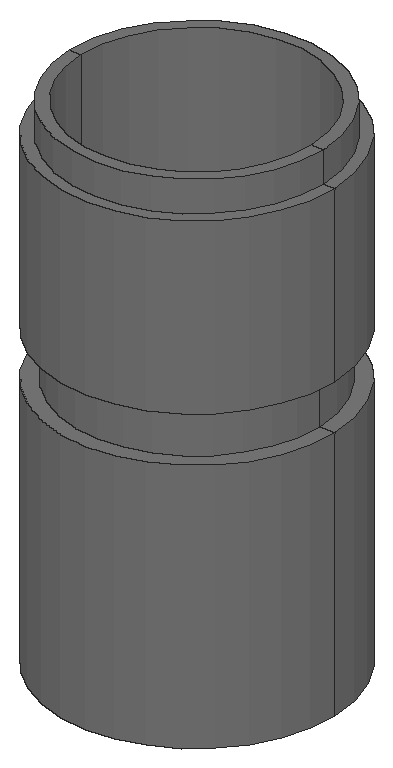
Revit family "PRD_FrankeWS_ShwrFttngsPckg_ExtensionSet_AQRM900", category Specialty Equipment, Revit 2018
Family settings
  Round Connector Dimension = Use Diameter
  Part Type = Normal
  OmniClass Number = 23.45.05.14.99
  OmniClass Title = Other Sanitary Washing Plumbing Fixtures
  Work Plane-Based = Yes
  Always vertical = Yes
  Cut with Voids When Loaded = No
  Shared = No
  Room Calculation Point = No
Parameters (values of type "AQRM900")
  WarrantyStartDate [instance] = "1900-12-31T23:59:59"
  WarrantyGuarantorParts = "n/a"
  WarrantyGuarantorLabor = "n/a"
  WarrantyDurationUnit = "year"
  WarrantyDurationParts = "n/a"
  WarrantyDurationLabor = "n/a"
  WarrantyDescription = "n/a"
  Version = "1"
  Uniclass2015Version = "Products v1.17"
  Uniclass2015Title = "Shower fittings package"
  Uniclass2015Code = "Pr_40_20_87_75"
  URL = "www.kwc.com"
  TailorMade = "No"
  TagNumber [instance] = "n/a"
  SustainabilityPerformance = "n/a"
  Status = "New"
  Size = "n/a"
  Shape = "cylinder"
  SerialNumber [instance] = "n/a"
  Revision = "n/a"
  ReplacementCost = "n/a"
  Reference = "n/a"
  QuantityUom = "Piece"
  Quantity = "1"
  ProductInformation = "https://pim.kwc.com/product/2000101451/attachment/datasheet?locale=en"
  ProductCode = "210.0622.972"
  NominalWidth = 0 mm
  NominalLength = 0 mm
  NominalDepth = 0 mm
  NetWeight = 0.25 kg
  Name = "Extension set AQRM900"
  NBSTypeID = "n/a"
  NBSReference = "45-35-70/330"
  NBSOfficeMasterTag = "n/a"
  NBSNote = "n/a"
  NBSDescription = "Shower fittings package"
  NBSCertification = "n/a"
  ModelReference = "AQRM900"
  ModelNumber = "2000101451"
  Model = ModelReference  # "AQRM900"
  Material = "n/a"
  ManufacturerURL = "www.kwc.com"
  ManufacturerName = "KWC Group AG"  # constant formula
  Manufacturer = ManufacturerName  # "KWC Group AG"
  IntegralAccessories = "n/a"
  InstallationDate [instance] = "1900-12-31T23:59:59"
  IfcExportType = "USERDEFINED"
  IfcExportAs = "IfcSanitaryTerminalType"
  GrossWeight = 0.26 kg
  Grade = "n/a"
  Finish = "n/a"
  Features = "for AQUALINE self-closing straight way valve DN 15"
  ExpectedLife = "n/a"
  DurationUnit = "year"
  Description = "Extension set for AQUALINE self-closing straight way valve DN 15 for installation in walls, for depth compensation until 33 mm, maximum 1-times stackable."
  Default Elevation = 1219.2 mm
  CreatedOn = "07/2021"  # constant formula
  Constituents = "n/a"
  Color = "n/a"
  CodePerformance = "n/a"
  Category = "Pr_40_20_87_75, Shower fittings package"
  BodyMaterial = PRD_AR_Plastic_Grey
  BarCode [instance] = "n/a"
  BIMObjectName = "PRD_AR_ShowerFittingsPackage_ExtensionSet_AQRM900"
  Author = "Archispace"  # constant formula
  AssetType = "Fixed"
  AssetIdentifier [instance] = "n/a"
  AccessibilityPerformance = "n/a"
Reference planes
  plane 1 "Center (Front/Back)": y = 0
  plane 2: z = 0
  plane 3 "Center (Left/Right)": x = 0
Forms (mm)
  Revolve 1, solid, material "PRD_AR_Plastic_Grey" <- "BodyMaterial", detail levels fine
    sketch origin (0, 0, 0) x (1, 0, 0) y (0, 0, 1)
      loop
        line (-11.45, 41) -> (-16, 41) -> (-16, 33) -> (-18, 33) -> (-18, 0) -> (-16.5, 0) -> (-16.5, 2) -> (-15.188, 2) -> (-15.188, 15) -> (-12.25, 15) -> (-12.25, 34) -> (-11.45, 34) -> (-11.45, 41)
      axis (0, 41) -> (0, 0)
    angle from 0 to 360
  Revolve 2, solid, material "PRD_AR_Plastic_Grey" <- "BodyMaterial", detail levels fine
    sketch origin (0, 0, 0) x (1, 0, 0) y (0, 0, 1)
      loop
        line (-18, 61.5) -> (-18, 39) -> (-16.5, 39) -> (-16.5, 41) -> (-15, 41) -> (-15, 65.5) -> (-16.5, 65.5) -> (-16.5, 61.5) -> (-18, 61.5)
      axis (0, 65.5) -> (0, 39)
    angle from 0 to 360
  Revolve 3, solid, material "PRD_AR_Plastic_Grey" <- "BodyMaterial", detail levels coarse+medium
    sketch origin (0, 0, 0) x (1, 0, 0) y (0, 0, 1)
      loop
        line (0, 65.5) -> (-18, 65.5) -> (-18, 0) -> (0, 0) -> (0, 65.5)
      axis (0, 65.5) -> (0, 0)
    angle from 0 to 360
Dimensions and locks
  aligned and locked: level to plane 2
